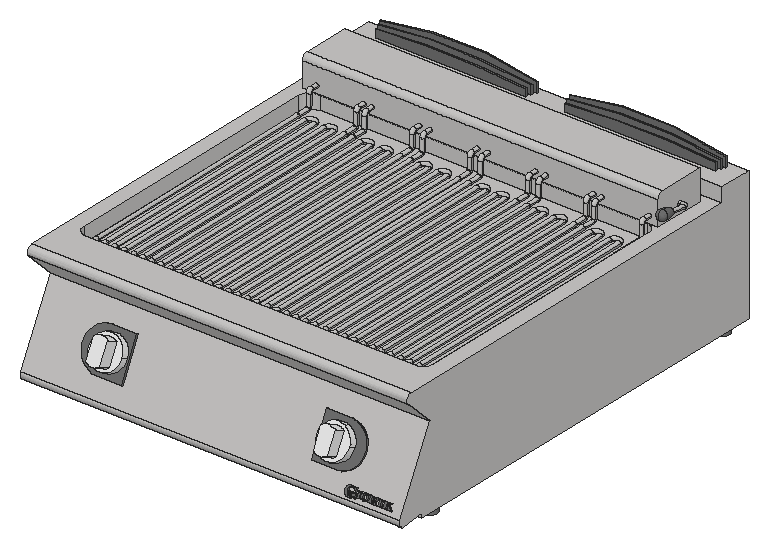
Revit family "QF_GIORIK_GL94TE", category Specialty Equipment, Revit 2014
Parameters (values of type "GL94TE")
  Weight in Pounds = 154.3234
  Watts = 8000 W
  Waste Water Discharge Temperature [instance] = 0 °C
  Volts = 400 V
  URL Cutsheet = "www.giorik.com"
  URL = "www.giorik.com"
  Status [instance] = ""
  Specification by User [instance] = ""
  Specification by Manufacturer = ""
  Show Logo [instance] = yes
  Show Clearance [instance] = yes
  Serial Number = ""
  Seismic Rating = ""
  SMACNA No = ""
  Revision Code [instance] = ""
  Plumbing Remarks [instance] = ""
  Plumbing Connection Type [instance] = ""
  Phase = 3
  Number of Poles [instance] = 3
  NAFEM Spec ID Number = ""
  Model = "GL94TE"
  Min Ckt Ampacity = 0 A
  Max Overcurrent Protection = 0 A
  Masterspec = ""
  Manufacturer = "GIORIK"
  Item Number [instance] = ""
  Installed By [instance] = ""
  Indirect Waste Size = 2 1/2"
  Indirect Waste Flow = 0.0 L/s
  Indirect Waste Connection Type [instance] = ""
  Indirect Waste Connection Height [instance] = 20 mm
  Identify Quantity as Lot [instance] = no
  HP = "10.728160000000"
  Furnished By [instance] = ""
  Foodservice Equipment Identifier [instance] = yes
  FL Amps = 0 A
  Electrical Remarks [instance] = ""
  Electric Connection Type [instance] = ""
  Elec Conn RI Height [instance] = 0 mm
  Elec Conn Connection Height [instance] = 20 mm
  Description = "ELECTRIC STEAMGRILL"
  Cycle = 50 Hz
  Conn Plug = ""
  Conn Conduit [instance] = no
  CSI MasterFormat = ""
  Assembly Code = "E1090320"
  Apparent Power = 8000 VA
Reference planes
  plane 1 "Back": y = 0
  plane 2: z = 0
  plane 3 "Left": x = 0
  plane 4 "Right": x = 800
  plane 5 "Front": y = -920
  plane 6 "Top": z = 300
Forms (mm)
  Extrusion 1, solid, visible <- "Show Logo"
    sketch origin (586.604, -936.761, 9.486) x (-1, 0, 0) y (0, 0.452718, 0.891654)
      loop
        line (-118.824, 58.358) -> (-127.804, 58.358) -> (-125.523, 56.445) -> (-125.523, 48.027) -> (-127.804, 46.113) -> (-118.824, 46.113) -> (-121.105, 48.027) -> (-121.105, 56.445) -> (-118.824, 58.358)
      loop
        line (-163.721, 58.358) -> (-172.7, 58.358) -> (-170.42, 56.445) -> (-170.42, 48.027) -> (-172.7, 46.113) -> (-163.721, 46.113) -> (-166.001, 48.027) -> (-166.001, 56.445) -> (-163.721, 58.358)
      loop
        line (-174.332, 58.358) -> (-183.312, 58.358) -> (-181.031, 56.445) -> (-181.031, 52.435) -> (-186.419, 56.955) -> (-184.416, 58.358) -> (-191.268, 58.358) -> (-188.01, 56.839) -> (-185.455, 54.283) -> (-190.846, 47.858) -> (-193.396, 46.93) -> (-193.396, 46.113) -> (-184.416, 46.113) -> (-185.437, 47.571) -> (-182.443, 51.552) -> (-181.031, 50.894) -> (-181.031, 48.027) -> (-183.312, 46.113) -> (-174.332, 46.113) -> (-176.613, 48.027) -> (-176.613, 56.445) -> (-174.332, 58.358)
      loop
        line (-115.429, 62.063) -> (-115.429, 54.198)
        arc (-115.429, 54.198) -> (-111.618, 57.803) -> (-106.847, 59.986) r 16.039
        arc (-106.847, 59.986) -> (-103.314, 59.837) -> (-100.512, 57.68) r 5.851
        arc (-100.512, 57.68) -> (-98.815, 52.267) -> (-100.512, 46.853) r 9.479
        arc (-100.512, 46.853) -> (-102.406, 44.986) -> (-104.846, 43.93) r 7.236
        arc (-104.846, 43.93) -> (-107.728, 44.111) -> (-110.052, 45.825) r 5.11
        line (-110.052, 45.825) -> (-110.052, 52.001) -> (-116.141, 52.001) -> (-116.141, 45.503) -> (-117.893, 43.751) -> (-114.094, 44.769)
        arc (-114.094, 44.769) -> (-112.56, 44.947) -> (-111.129, 44.366) r 3.115
        arc (-111.129, 44.366) -> (-104.216, 42.091) -> (-97.303, 44.366) r 11.641
        arc (-97.303, 44.366) -> (-93.396, 52.107) -> (-97.303, 59.849) r 9.622
        arc (-97.303, 59.849) -> (-104.369, 62.174) -> (-111.435, 59.849) r 11.898
        line (-111.435, 59.849) -> (-115.429, 62.063)
      loop
        arc (-129.234, 56.068) -> (-135.893, 58.628) -> (-142.552, 56.068) r 9.941
        arc (-142.552, 56.068) -> (-144.234, 52.286) -> (-142.552, 48.505) r 5.093
        arc (-142.552, 48.505) -> (-135.893, 45.945) -> (-129.234, 48.505) r 9.941
        arc (-129.234, 48.505) -> (-127.552, 52.286) -> (-129.234, 56.068) r 5.093
      loop
        arc (-132.628, 54.403) -> (-135.893, 57.668) -> (-139.158, 54.403) r 3.265
        line (-139.158, 54.403) -> (-139.158, 50.169)
        arc (-139.158, 50.169) -> (-135.893, 46.904) -> (-132.628, 50.169) r 3.265
        line (-132.628, 50.169) -> (-132.628, 54.403)
      loop
        arc (-156.363, 58.365) -> (-159.647, 55.081) -> (-156.363, 51.796) r 3.285
        line (-156.363, 51.796) -> (-159.529, 47.306) -> (-162.087, 46.113) -> (-155.847, 46.113) -> (-153.529, 51.083) -> (-150.637, 51.083) -> (-150.637, 47.784) -> (-153.022, 46.113) -> (-144.011, 46.113) -> (-146.094, 47.68) -> (-146.094, 56.493) -> (-144.229, 58.365) -> (-156.363, 58.365)
      loop
        line (-150.637, 57.512) -> (-153.637, 57.512)
        arc (-153.637, 57.512) -> (-156.237, 54.912) -> (-153.637, 52.312) r 2.6
        line (-153.637, 52.312) -> (-150.637, 52.312) -> (-150.637, 57.512)
      loop
        line (-108.924, 52.001) -> (-104.936, 49.005) -> (-100.948, 52.001) -> (-108.924, 52.001)
    from 1.5 to -0.5
  Extrusion 2, solid
    sketch origin (-4, 0, 5) x (1, 0, 0) y (0, 1, 0)
      loop
        circle (54, -385) r 12.5
    from 0 to 15
  Extrusion 3, solid
    sketch origin (0, 800, -620) x (0, 1, 0) y (0, 0, 1)
      loop
        line (-800, 919.988) -> (-870, 919.988) -> (-870, 889.988) -> (-1688.806, 889.988)
        arc (-1688.806, 889.988) -> (-1699.151, 883.075) -> (-1696.724, 870.873) r 11.197
        line (-1696.724, 870.873) -> (-1640.876, 815.025) -> (-1718.948, 661.258)
        arc (-1718.948, 661.258) -> (-1718.233, 650.105) -> (-1708.118, 645.354) r 10.981
        line (-1708.118, 645.354) -> (-1660, 649.925) -> (-1660, 640) -> (-800, 640) -> (-800, 919.988)
    from 0 to 800
  Extrusion 4, solid
    sketch origin (-263.221, -1163.956, -547.327) x (1, 0, 0) y (0, 0.452718, 0.891654)
      loop
        line (463.221, 676.25) -> (463.221, 766.25) -> (409.698, 766.25)
        arc (409.698, 766.25) -> (364.698, 721.25) -> (409.698, 676.25) r 45
        line (409.698, 676.25) -> (463.221, 676.25)
    from 48 to 50
  Extrusion 5, solid
    sketch origin (511.331, -1209.308, -524.731) x (-1, 0, 0) y (0, -0.45351, -0.891251)
      loop
        circle (351.331, -721.346) r 35
    from 0 to 15
  Extrusion 6, solid
    sketch origin (511.331, -1209.308, -524.731) x (-1, 0, 0) y (0, -0.45351, -0.891251)
      loop
        arc (336.331, -743.846) -> (351.331, -748.846) -> (366.331, -743.846) r 25
        line (366.331, -743.846) -> (366.331, -698.846)
        arc (366.331, -698.846) -> (351.331, -693.846) -> (336.331, -698.846) r 25
        line (336.331, -698.846) -> (336.331, -743.846)
    from 15 to 40
  Extrusion 7, solid
    sketch origin (-94, 0, -610.001) x (1, 0, 0) y (0, 0, 1)
      loop
        line (135, 909.989) -> (453, 909.989) -> (453, 925.527) -> (347.056, 931.749) -> (240.944, 931.749) -> (135, 925.527) -> (135, 909.989)
    from 32 to 35
  Extrusion 8, solid
    sketch origin (-92, 10, -610.001) x (1, 0, 0) y (0, 0, 1)
      loop
        line (454, 909.989) -> (454, 928.527) -> (346.162, 939.193) -> (237.838, 939.193) -> (130, 928.527) -> (130, 909.989) -> (454, 909.989)
    from 32 to 35
  Extrusion 9, solid
    sketch origin (-90, 20, -610.001) x (1, 0, 0) y (0, 0, 1)
      loop
        line (455, 909.989) -> (455, 930.527) -> (345.396, 947.413) -> (234.604, 947.413) -> (125, 930.527) -> (125, 909.989) -> (455, 909.989)
    from 32 to 35
  Extrusion 10, void
    sketch origin (0, -200, 219.988) x (0, 1, 0) y (-1, 0, 0)
      loop
        arc (0, -55) -> (-7.322, -37.322) -> (-25, -30) r 25
        line (-25, -30) -> (-589.698, -30)
        arc (-589.698, -30) -> (-607.375, -37.322) -> (-614.698, -55) r 25
        line (-614.698, -55) -> (-614.698, -745)
        arc (-614.698, -745) -> (-607.375, -762.678) -> (-589.698, -770) r 25
        line (-589.698, -770) -> (-25, -770)
        arc (-25, -770) -> (-7.322, -762.678) -> (0, -745) r 25
        line (0, -745) -> (0, -55)
    from 20 to 50
  Extrusion 11, solid
    sketch origin (464.5, -383, 1248.988) x (0, -1, 0) y (0, 0, 1)
      loop
        line (-293, -915.5) -> (-293, -979) -> (-183, -979) -> (-183, -927.5)
        arc (-183, -927.5) -> (-186.515, -919.015) -> (-195, -915.5) r 12
        line (-195, -915.5) -> (-293, -915.5)
    from -305.5 to 444.5
  Sweep 12, solid
    path origin (-40.5, 1386.369, 50.284) x (0, 0.987688, -0.156434) y (-1, 0, 0)
      loop
        line (-1551.47, -757) -> (-1551.47, -818)
        arc (-1551.47, -818) -> (-1554.162, -824.308) -> (-1560.47, -827) r 9.2
        line (-1560.47, -827) -> (-1595.47, -827)
    profile origin (747, -146, 292.988) x (0, 0.987688, -0.156434) y (0, 0.156434, 0.987688)
      loop
        circle (0, 0) r 4
  Revolve 13, solid
    sketch origin (786.5, 1381.82, -876.578) x (0, 0.987688, -0.156434) y (0, 0.156434, 0.987688)
      loop
        line (-1735.97, 916.293) -> (-1735.97, 923.293)
        arc (-1735.97, 923.293) -> (-1746.353, 925.612) -> (-1756.97, 926.293) r 68.381
        arc (-1756.97, 926.293) -> (-1764.041, 923.364) -> (-1766.97, 916.293) r 10
        line (-1766.97, 916.293) -> (-1735.97, 916.293)
      axis (-1735.97, 916.293) -> (-1766.97, 916.293)
    angle from 0 to 360
  Sweep 14, solid
    path origin (48.844, 1052.908, -530.209) x (0, 1, 0) y (0, 0, 1)
      loop
        line (-1252.907, 815) -> (-1267.907, 815)
        arc (-1267.907, 815) -> (-1271.443, 813.536) -> (-1272.907, 810) r 5
        line (-1272.907, 810) -> (-1272.907, 785)
        arc (-1272.907, 785) -> (-1274.372, 781.464) -> (-1277.907, 780) r 5
        line (-1277.907, 780) -> (-1302.907, 780)
    profile origin (48.844, -207.5, 284.791) x (0, 0, -1) y (1, 0, 0)
      loop
        circle (0, 0) r 4
  Sweep 15, solid
    path origin (-1280.633, 946.628, 249.791) x (0, 1, 0) y (-1, 0, 0)
      loop
        line (-1196.628, -1329.478) -> (-1726.628, -1329.478)
        arc (-1726.628, -1329.478) -> (-1736.628, -1339.478) -> (-1726.628, -1349.478) r 10
        line (-1726.628, -1349.478) -> (-1201.628, -1349.478)
        arc (-1201.628, -1349.478) -> (-1191.628, -1359.478) -> (-1201.628, -1369.478) r 10
        line (-1201.628, -1369.478) -> (-1726.628, -1369.478)
        arc (-1726.628, -1369.478) -> (-1736.628, -1379.478) -> (-1726.628, -1389.478) r 10
        line (-1726.628, -1389.478) -> (-1201.628, -1389.478)
        arc (-1201.628, -1389.478) -> (-1191.628, -1399.478) -> (-1201.628, -1409.478) r 10
        line (-1201.628, -1409.478) -> (-1726.628, -1409.478)
        arc (-1726.628, -1409.478) -> (-1736.628, -1419.478) -> (-1726.628, -1429.478) r 10
        line (-1726.628, -1429.478) -> (-1196.628, -1429.478)
    profile origin (48.844, -515, 249.791) x (1, 0, 0) y (0, 0, 1)
      loop
        circle (0, 0) r 4
  Sweep 16, solid
    path origin (148.844, 1052.908, -530.209) x (0, 1, 0) y (0, 0, 1)
      loop
        line (-1252.907, 815) -> (-1267.907, 815)
        arc (-1267.907, 815) -> (-1271.443, 813.536) -> (-1272.907, 810) r 5
        line (-1272.907, 810) -> (-1272.907, 785)
        arc (-1272.907, 785) -> (-1274.372, 781.464) -> (-1277.907, 780) r 5
        line (-1277.907, 780) -> (-1302.907, 780)
    profile origin (148.844, -207.5, 284.791) x (0, 0, -1) y (1, 0, 0)
      loop
        circle (0, 0) r 4
  Extrusion 17, solid
    sketch origin (1063.221, -1163.956, -547.327) x (-1, 0, 0) y (0, -0.452718, -0.891654)
      loop
        line (463.221, -676.25) -> (409.698, -676.25)
        arc (409.698, -676.25) -> (364.698, -721.25) -> (409.698, -766.25) r 45
        line (409.698, -766.25) -> (463.221, -766.25) -> (463.221, -676.25)
    from 48 to 50
  Extrusion 18, solid
    sketch origin (288.669, -1209.308, -524.731) x (1, 0, 0) y (0, 0.45351, 0.891251)
      loop
        circle (351.331, 721.346) r 35
    from 0 to 15
  Extrusion 19, solid
    sketch origin (288.669, -1209.308, -524.731) x (1, 0, 0) y (0, 0.45351, 0.891251)
      loop
        line (336.331, 743.846) -> (336.331, 698.846)
        arc (336.331, 698.846) -> (351.331, 693.846) -> (366.331, 698.846) r 25
        line (366.331, 698.846) -> (366.331, 743.846)
        arc (366.331, 743.846) -> (351.331, 748.846) -> (336.331, 743.846) r 25
    from 15 to 40
  Extrusion 20, solid
    sketch origin (400, 0, -25) x (0, 1, 0) y (-1, 0, 0)
      loop
        circle (-195, -350) r 12.7
    from 30 to 45
  Sweep 21, solid
    path origin (166.389, 1052.908, -530.209) x (0, 1, 0) y (0, 0, 1)
      loop
        line (-1252.907, 815) -> (-1267.907, 815)
        arc (-1267.907, 815) -> (-1271.443, 813.536) -> (-1272.907, 810) r 5
        line (-1272.907, 810) -> (-1272.907, 785)
        arc (-1272.907, 785) -> (-1274.372, 781.464) -> (-1277.907, 780) r 5
        line (-1277.907, 780) -> (-1302.907, 780)
    profile origin (166.389, -207.5, 284.791) x (0, 0, -1) y (1, 0, 0)
      loop
        circle (0, 0) r 4
  Sweep 22, solid
    path origin (-1163.089, 946.628, 249.791) x (0, 1, 0) y (-1, 0, 0)
      loop
        line (-1196.628, -1329.478) -> (-1726.628, -1329.478)
        arc (-1726.628, -1329.478) -> (-1736.628, -1339.478) -> (-1726.628, -1349.478) r 10
        line (-1726.628, -1349.478) -> (-1201.628, -1349.478)
        arc (-1201.628, -1349.478) -> (-1191.628, -1359.478) -> (-1201.628, -1369.478) r 10
        line (-1201.628, -1369.478) -> (-1726.628, -1369.478)
        arc (-1726.628, -1369.478) -> (-1736.628, -1379.478) -> (-1726.628, -1389.478) r 10
        line (-1726.628, -1389.478) -> (-1201.628, -1389.478)
        arc (-1201.628, -1389.478) -> (-1191.628, -1399.478) -> (-1201.628, -1409.478) r 10
        line (-1201.628, -1409.478) -> (-1726.628, -1409.478)
        arc (-1726.628, -1409.478) -> (-1736.628, -1419.478) -> (-1726.628, -1429.478) r 10
        line (-1726.628, -1429.478) -> (-1196.628, -1429.478)
    profile origin (166.389, -515, 249.791) x (1, 0, 0) y (0, 0, 1)
      loop
        circle (0, 0) r 4
  Sweep 23, solid
    path origin (266.389, 1052.908, -530.209) x (0, 1, 0) y (0, 0, 1)
      loop
        line (-1252.907, 815) -> (-1267.907, 815)
        arc (-1267.907, 815) -> (-1271.443, 813.536) -> (-1272.907, 810) r 5
        line (-1272.907, 810) -> (-1272.907, 785)
        arc (-1272.907, 785) -> (-1274.372, 781.464) -> (-1277.907, 780) r 5
        line (-1277.907, 780) -> (-1302.907, 780)
    profile origin (266.389, -207.5, 284.791) x (0, 0, -1) y (1, 0, 0)
      loop
        circle (0, 0) r 4
  Sweep 24, solid
    path origin (288.822, 1052.908, -530.209) x (0, 1, 0) y (0, 0, 1)
      loop
        line (-1252.907, 815) -> (-1267.907, 815)
        arc (-1267.907, 815) -> (-1271.443, 813.536) -> (-1272.907, 810) r 5
        line (-1272.907, 810) -> (-1272.907, 785)
        arc (-1272.907, 785) -> (-1274.372, 781.464) -> (-1277.907, 780) r 5
        line (-1277.907, 780) -> (-1302.907, 780)
    profile origin (288.822, -207.5, 284.791) x (0, 0, -1) y (1, 0, 0)
      loop
        circle (0, 0) r 4
  Sweep 25, solid
    path origin (-1040.656, 946.628, 249.791) x (0, 1, 0) y (-1, 0, 0)
      loop
        line (-1196.628, -1329.478) -> (-1726.628, -1329.478)
        arc (-1726.628, -1329.478) -> (-1736.628, -1339.478) -> (-1726.628, -1349.478) r 10
        line (-1726.628, -1349.478) -> (-1201.628, -1349.478)
        arc (-1201.628, -1349.478) -> (-1191.628, -1359.478) -> (-1201.628, -1369.478) r 10
        line (-1201.628, -1369.478) -> (-1726.628, -1369.478)
        arc (-1726.628, -1369.478) -> (-1736.628, -1379.478) -> (-1726.628, -1389.478) r 10
        line (-1726.628, -1389.478) -> (-1201.628, -1389.478)
        arc (-1201.628, -1389.478) -> (-1191.628, -1399.478) -> (-1201.628, -1409.478) r 10
        line (-1201.628, -1409.478) -> (-1726.628, -1409.478)
        arc (-1726.628, -1409.478) -> (-1736.628, -1419.478) -> (-1726.628, -1429.478) r 10
        line (-1726.628, -1429.478) -> (-1196.628, -1429.478)
    profile origin (288.822, -515, 249.791) x (1, 0, 0) y (0, 0, 1)
      loop
        circle (0, 0) r 4
  Sweep 26, solid
    path origin (388.822, 1052.908, -530.209) x (0, 1, 0) y (0, 0, 1)
      loop
        line (-1252.907, 815) -> (-1267.907, 815)
        arc (-1267.907, 815) -> (-1271.443, 813.536) -> (-1272.907, 810) r 5
        line (-1272.907, 810) -> (-1272.907, 785)
        arc (-1272.907, 785) -> (-1274.372, 781.464) -> (-1277.907, 780) r 5
        line (-1277.907, 780) -> (-1302.907, 780)
    profile origin (388.822, -207.5, 284.791) x (0, 0, -1) y (1, 0, 0)
      loop
        circle (0, 0) r 4
  Sweep 27, solid
    path origin (751.2, 1052.908, -530.209) x (0, 1, 0) y (0, 0, -1)
      loop
        line (-1252.907, -815) -> (-1267.907, -815)
        arc (-1267.907, -815) -> (-1271.443, -813.536) -> (-1272.907, -810) r 5
        line (-1272.907, -810) -> (-1272.907, -785)
        arc (-1272.907, -785) -> (-1274.372, -781.464) -> (-1277.907, -780) r 5
        line (-1277.907, -780) -> (-1302.907, -780)
    profile origin (751.2, -207.5, 284.791) x (0, 0, 1) y (-1, 0, 0)
      loop
        circle (0, 0) r 4
  Sweep 28, solid
    path origin (2080.678, 946.628, 249.791) x (0, 1, 0) y (-1, 0, 0)
      loop
        line (-1196.628, 1329.478) -> (-1726.628, 1329.478)
        arc (-1726.628, 1329.478) -> (-1736.628, 1339.478) -> (-1726.628, 1349.478) r 10
        line (-1726.628, 1349.478) -> (-1201.628, 1349.478)
        arc (-1201.628, 1349.478) -> (-1191.628, 1359.478) -> (-1201.628, 1369.478) r 10
        line (-1201.628, 1369.478) -> (-1726.628, 1369.478)
        arc (-1726.628, 1369.478) -> (-1736.628, 1379.478) -> (-1726.628, 1389.478) r 10
        line (-1726.628, 1389.478) -> (-1201.628, 1389.478)
        arc (-1201.628, 1389.478) -> (-1191.628, 1399.478) -> (-1201.628, 1409.478) r 10
        line (-1201.628, 1409.478) -> (-1726.628, 1409.478)
        arc (-1726.628, 1409.478) -> (-1736.628, 1419.478) -> (-1726.628, 1429.478) r 10
        line (-1726.628, 1429.478) -> (-1196.628, 1429.478)
    profile origin (751.2, -515, 249.791) x (1, 0, 0) y (0, 0, 1)
      loop
        circle (0, 0) r 4
  Sweep 29, solid
    path origin (651.2, 1252.908, -530.209) x (0, 1, 0) y (0, 0, -1)
      loop
        line (-1452.907, -815) -> (-1467.907, -815)
        arc (-1467.907, -815) -> (-1471.443, -813.536) -> (-1472.907, -810) r 5
        line (-1472.907, -810) -> (-1472.907, -785)
        arc (-1472.907, -785) -> (-1474.372, -781.464) -> (-1477.907, -780) r 5
        line (-1477.907, -780) -> (-1502.907, -780)
    profile origin (651.2, -207.5, 284.791) x (0, 0, 1) y (-1, 0, 0)
      loop
        circle (0, 0) r 4
  Sweep 30, solid
    path origin (633.655, 1052.908, -530.209) x (0, 1, 0) y (0, 0, -1)
      loop
        line (-1252.907, -815) -> (-1267.907, -815)
        arc (-1267.907, -815) -> (-1271.443, -813.536) -> (-1272.907, -810) r 5
        line (-1272.907, -810) -> (-1272.907, -785)
        arc (-1272.907, -785) -> (-1274.372, -781.464) -> (-1277.907, -780) r 5
        line (-1277.907, -780) -> (-1302.907, -780)
    profile origin (633.655, -207.5, 284.791) x (0, 0, 1) y (-1, 0, 0)
      loop
        circle (0, 0) r 4
  Sweep 31, solid
    path origin (1963.133, 946.628, 249.791) x (0, 1, 0) y (-1, 0, 0)
      loop
        line (-1196.628, 1329.478) -> (-1726.628, 1329.478)
        arc (-1726.628, 1329.478) -> (-1736.628, 1339.478) -> (-1726.628, 1349.478) r 10
        line (-1726.628, 1349.478) -> (-1201.628, 1349.478)
        arc (-1201.628, 1349.478) -> (-1191.628, 1359.478) -> (-1201.628, 1369.478) r 10
        line (-1201.628, 1369.478) -> (-1726.628, 1369.478)
        arc (-1726.628, 1369.478) -> (-1736.628, 1379.478) -> (-1726.628, 1389.478) r 10
        line (-1726.628, 1389.478) -> (-1201.628, 1389.478)
        arc (-1201.628, 1389.478) -> (-1191.628, 1399.478) -> (-1201.628, 1409.478) r 10
        line (-1201.628, 1409.478) -> (-1726.628, 1409.478)
        arc (-1726.628, 1409.478) -> (-1736.628, 1419.478) -> (-1726.628, 1429.478) r 10
        line (-1726.628, 1429.478) -> (-1196.628, 1429.478)
    profile origin (633.655, -515, 249.791) x (1, 0, 0) y (0, 0, 1)
      loop
        circle (0, 0) r 4
  Sweep 32, solid
    path origin (533.655, 1252.908, -530.209) x (0, 1, 0) y (0, 0, -1)
      loop
        line (-1452.907, -815) -> (-1467.907, -815)
        arc (-1467.907, -815) -> (-1471.443, -813.536) -> (-1472.907, -810) r 5
        line (-1472.907, -810) -> (-1472.907, -785)
        arc (-1472.907, -785) -> (-1474.372, -781.464) -> (-1477.907, -780) r 5
        line (-1477.907, -780) -> (-1502.907, -780)
    profile origin (533.655, -207.5, 284.791) x (0, 0, 1) y (-1, 0, 0)
      loop
        circle (0, 0) r 4
  Sweep 33, solid
    path origin (511.222, 1052.908, -530.209) x (0, 1, 0) y (0, 0, -1)
      loop
        line (-1252.907, -815) -> (-1267.907, -815)
        arc (-1267.907, -815) -> (-1271.443, -813.536) -> (-1272.907, -810) r 5
        line (-1272.907, -810) -> (-1272.907, -785)
        arc (-1272.907, -785) -> (-1274.372, -781.464) -> (-1277.907, -780) r 5
        line (-1277.907, -780) -> (-1302.907, -780)
    profile origin (511.222, -207.5, 284.791) x (0, 0, 1) y (-1, 0, 0)
      loop
        circle (0, 0) r 4
  Sweep 34, solid
    path origin (1840.7, 946.628, 249.791) x (0, 1, 0) y (-1, 0, 0)
      loop
        line (-1196.628, 1329.478) -> (-1726.628, 1329.478)
        arc (-1726.628, 1329.478) -> (-1736.628, 1339.478) -> (-1726.628, 1349.478) r 10
        line (-1726.628, 1349.478) -> (-1201.628, 1349.478)
        arc (-1201.628, 1349.478) -> (-1191.628, 1359.478) -> (-1201.628, 1369.478) r 10
        line (-1201.628, 1369.478) -> (-1726.628, 1369.478)
        arc (-1726.628, 1369.478) -> (-1736.628, 1379.478) -> (-1726.628, 1389.478) r 10
        line (-1726.628, 1389.478) -> (-1201.628, 1389.478)
        arc (-1201.628, 1389.478) -> (-1191.628, 1399.478) -> (-1201.628, 1409.478) r 10
        line (-1201.628, 1409.478) -> (-1726.628, 1409.478)
        arc (-1726.628, 1409.478) -> (-1736.628, 1419.478) -> (-1726.628, 1429.478) r 10
        line (-1726.628, 1429.478) -> (-1196.628, 1429.478)
    profile origin (511.222, -515, 249.791) x (1, 0, 0) y (0, 0, 1)
      loop
        circle (0, 0) r 4
  Sweep 35, solid
    path origin (411.222, 1052.908, -530.209) x (0, 1, 0) y (0, 0, -1)
      loop
        line (-1252.907, -815) -> (-1267.907, -815)
        arc (-1267.907, -815) -> (-1271.443, -813.536) -> (-1272.907, -810) r 5
        line (-1272.907, -810) -> (-1272.907, -785)
        arc (-1272.907, -785) -> (-1274.372, -781.464) -> (-1277.907, -780) r 5
        line (-1277.907, -780) -> (-1302.907, -780)
    profile origin (411.222, -207.5, 284.791) x (0, 0, 1) y (-1, 0, 0)
      loop
        circle (0, 0) r 4
  Extrusion 36, solid
    sketch origin (894, 0, -610.001) x (-1, 0, 0) y (0, 0, -1)
      loop
        line (135, -909.989) -> (135, -925.527) -> (240.944, -931.749) -> (347.056, -931.749) -> (453, -925.527) -> (453, -909.989) -> (135, -909.989)
    from 32 to 35
  Extrusion 37, solid
    sketch origin (892, 10, -610.001) x (-1, 0, 0) y (0, 0, -1)
      loop
        line (454, -909.989) -> (130, -909.989) -> (130, -928.527) -> (237.838, -939.193) -> (346.162, -939.193) -> (454, -928.527) -> (454, -909.989)
    from 32 to 35
  Extrusion 38, solid
    sketch origin (890, 20, -610.001) x (-1, 0, 0) y (0, 0, -1)
      loop
        line (455, -909.989) -> (125, -909.989) -> (125, -930.527) -> (234.604, -947.413) -> (345.396, -947.413) -> (455, -930.527) -> (455, -909.989)
    from 32 to 35
  Extrusion 39, solid
    sketch origin (543.603, 45.293, -30) x (0, 1, 0) y (-1, 0, 0)
      loop
        circle (-79.293, 516.603) r 5
    from 41.965 to 50
  Revolve 40, solid
    sketch origin (27, 49.943, -600) x (0, 1, 0) y (0, 0, 1)
      loop
        line (-83.943, 611.965) -> (-94.752, 611.965) -> (-97.943, 600) -> (-83.943, 600) -> (-83.943, 611.965)
      axis (-83.943, 611.965) -> (-83.943, 600)
    angle from 0 to 360
  Extrusion 41, solid
    sketch origin (256.397, 45.293, -30) x (0, 1, 0) y (-1, 0, 0)
      loop
        circle (-79.293, -516.603) r 5
    from 41.965 to 50
  Revolve 42, solid
    sketch origin (773, 49.943, -600) x (0, 1, 0) y (0, 0, -1)
      loop
        line (-83.943, -611.965) -> (-83.943, -600) -> (-97.943, -600) -> (-94.752, -611.965) -> (-83.943, -611.965)
      axis (-83.943, -611.965) -> (-83.943, -600)
    angle from 0 to 360
  Extrusion 43, solid
    sketch origin (543.603, -724.474, -30) x (0, 1, 0) y (-1, 0, 0)
      loop
        circle (-79.293, 516.603) r 5
    from 41.965 to 50
  Revolve 44, solid
    sketch origin (27, -719.825, -600) x (0, 1, 0) y (0, 0, 1)
      loop
        line (-83.943, 611.965) -> (-94.752, 611.965) -> (-97.943, 600) -> (-83.943, 600) -> (-83.943, 611.965)
      axis (-83.943, 611.965) -> (-83.943, 600)
    angle from 0 to 360
  Extrusion 45, solid
    sketch origin (256.397, -724.474, -30) x (0, 1, 0) y (-1, 0, 0)
      loop
        circle (-79.293, -516.603) r 5
    from 41.965 to 50
  Revolve 46, solid
    sketch origin (773, -719.825, -600) x (0, 1, 0) y (0, 0, -1)
      loop
        line (-83.943, -611.965) -> (-83.943, -600) -> (-97.943, -600) -> (-94.752, -611.965) -> (-83.943, -611.965)
      axis (-83.943, -611.965) -> (-83.943, -600)
    angle from 0 to 360
Cuts and joins
  Extrusion 10 cuts Extrusion 3
Lines and regions (mm)
  symbolic lines, style "200-EquipBorder-2D"
    curve 1: line (0, -920, 0) -> (800, -920, 0)
    curve 2: line (800, -920, 0) -> (800, 0, 0)
    curve 3: line (800, 0, 0) -> (0, 0, 0)
    curve 4: line (0, 0, 0) -> (0, -920, 0)
  symbolic lines, style "200-EquipInternal-2D"
    curve 5: line (0, -70, 300) -> (800, -70, 300)
    curve 6: line (35, -12, 900) -> (365, -12, 900)
    curve 7: line (365, -12, 900) -> (365, -15, 900)
    curve 8: line (365, -15, 900) -> (35, -15, 900)
    curve 9: line (35, -15, 900) -> (35, -12, 900)
    curve 10: line (38, -22, 900) -> (362, -22, 900)
    curve 11: line (362, -22, 900) -> (362, -25, 900)
    curve 12: line (362, -25, 900) -> (38, -25, 900)
    curve 13: line (38, -25, 900) -> (38, -22, 900)
    curve 14: line (41, -32, 900) -> (359, -32, 900)
    curve 15: line (359, -32, 900) -> (359, -35, 900)
    curve 16: line (359, -35, 900) -> (41, -35, 900)
    curve 17: line (41, -35, 900) -> (41, -32, 900)
    curve 18: line (20, -200, 300) -> (20, -90, 300)
    curve 19: line (20, -90, 300) -> (770, -90, 300)
    curve 20: line (770, -200, 300) -> (20, -200, 300)
    curve 21: line (782.501, -155.079, 300) -> (782.501, -188.518, 300)
    curve 22: line (790.499, -154.963, 300) -> (790.499, -188.518, 300)
    curve 23: arc (777.404, -149.982, 300) -> (781.008, -151.475, 300) -> (782.501, -155.079, 300) r 5.097
    curve 24: arc (777.536, -142, 300) -> (786.702, -145.797, 300) -> (790.499, -154.963, 300) r 12.963
    curve 25: arc (776.533, -210.204, 300) -> (786.533, -220.204, 300) -> (796.533, -210.204, 300) r 10
    curve 26: arc (796.533, -210.204, 300) -> (795.804, -199.779, 300) -> (793.631, -189.557, 300) r 74.904
    curve 27: arc (779.461, -189.443, 300) -> (777.269, -199.721, 300) -> (776.533, -210.204, 300) r 75.072
    curve 28: arc (790.499, -188.518, 300) -> (792.163, -188.743, 300) -> (793.631, -189.557, 300) r 4.546
    curve 29: arc (782.501, -188.518, 300) -> (780.891, -188.685, 300) -> (779.461, -189.443, 300) r 4.244
    curve 30: line (777.404, -149.982, 300) -> (770, -149.982, 300)
    curve 31: line (777.536, -142, 300) -> (770, -142, 300)
    curve 32: line (647.2, -200, 300) -> (647.2, -780, 300)
    curve 33: arc (647.2, -780, 300) -> (661.223, -794.023, 300) -> (675.246, -780, 300) r 14.023
    curve 34: line (675.246, -780, 300) -> (675.246, -255, 300)
    curve 35: arc (675.246, -255, 300) -> (681.201, -249.046, 300) -> (687.155, -255, 300) r 5.954
    curve 36: line (687.155, -255, 300) -> (687.155, -780, 300)
    curve 37: arc (687.155, -780, 300) -> (701.176, -794.021, 300) -> (715.197, -780, 300) r 14.021
    curve 38: line (715.197, -780, 300) -> (715.197, -255, 300)
    curve 39: arc (715.197, -255, 300) -> (721.211, -248.986, 300) -> (727.224, -255, 300) r 6.013
    curve 40: line (727.224, -255, 300) -> (727.224, -780, 300)
    curve 41: arc (727.224, -780, 300) -> (741.238, -794.014, 300) -> (755.252, -780, 300) r 14.014
    curve 42: line (755.252, -780, 300) -> (755.252, -200, 300)
    curve 43: line (747.257, -200, 300) -> (747.257, -780, 300)
    curve 44: line (735.198, -780, 300) -> (735.198, -255, 300)
    curve 45: arc (735.198, -255, 300) -> (721.215, -241.017, 300) -> (707.231, -255, 300) r 13.983
    curve 46: line (707.231, -255, 300) -> (707.231, -780, 300)
    curve 47: arc (707.231, -780, 300) -> (701.21, -786.021, 300) -> (695.189, -780, 300) r 6.021
    curve 48: line (695.189, -780, 300) -> (695.189, -253.899, 300)
    curve 49: line (667.266, -255, 300) -> (667.266, -780, 300)
    curve 50: arc (667.266, -780, 300) -> (661.249, -786.017, 300) -> (655.232, -780, 300) r 6.017
    curve 51: line (655.232, -780, 300) -> (655.232, -200, 300)
    curve 52: arc (735.198, -780, 300) -> (741.227, -786.03, 300) -> (747.257, -780, 300) r 6.03
    curve 53: line (529.655, -200, 300) -> (529.655, -780, 300)
    curve 54: arc (529.655, -780, 300) -> (543.678, -794.023, 300) -> (557.702, -780, 300) r 14.023
    curve 55: line (557.702, -780, 300) -> (557.702, -255, 300)
    curve 56: arc (557.702, -255, 300) -> (563.656, -249.046, 300) -> (569.61, -255, 300) r 5.954
    curve 57: line (569.61, -255, 300) -> (569.61, -780, 300)
    curve 58: arc (569.61, -780, 300) -> (583.631, -794.021, 300) -> (597.653, -780, 300) r 14.021
    curve 59: line (597.653, -780, 300) -> (597.653, -255, 300)
    curve 60: arc (597.653, -255, 300) -> (603.666, -248.986, 300) -> (609.68, -255, 300) r 6.013
    curve 61: line (609.68, -255, 300) -> (609.68, -780, 300)
    curve 62: arc (609.68, -780, 300) -> (623.693, -794.014, 300) -> (637.707, -780, 300) r 14.014
    curve 63: line (637.707, -780, 300) -> (637.707, -200, 300)
    curve 64: line (629.713, -200, 300) -> (629.713, -780, 300)
    curve 65: line (617.653, -780, 300) -> (617.653, -255, 300)
    curve 66: arc (617.653, -255, 300) -> (603.67, -241.017, 300) -> (589.687, -255, 300) r 13.983
    curve 67: line (589.687, -255, 300) -> (589.687, -780, 300)
    curve 68: arc (589.687, -780, 300) -> (583.665, -786.021, 300) -> (577.644, -780, 300) r 6.021
    curve 69: line (577.644, -780, 300) -> (577.644, -253.899, 300)
    curve 70: line (549.721, -255, 300) -> (549.721, -780, 300)
    curve 71: arc (549.721, -780, 300) -> (543.704, -786.017, 300) -> (537.687, -780, 300) r 6.017
    curve 72: line (537.687, -780, 300) -> (537.687, -200, 300)
    curve 73: arc (617.653, -780, 300) -> (623.683, -786.03, 300) -> (629.713, -780, 300) r 6.03
    curve 74: line (407.222, -200, 300) -> (407.222, -780, 300)
    curve 75: arc (407.222, -780, 300) -> (421.245, -794.023, 300) -> (435.269, -780, 300) r 14.023
    curve 76: line (435.269, -780, 300) -> (435.269, -255, 300)
    curve 77: arc (435.269, -255, 300) -> (441.223, -249.046, 300) -> (447.177, -255, 300) r 5.954
    curve 78: line (447.177, -255, 300) -> (447.177, -780, 300)
    curve 79: arc (447.177, -780, 300) -> (461.198, -794.021, 300) -> (475.219, -780, 300) r 14.021
    curve 80: line (475.219, -780, 300) -> (475.219, -255, 300)
    curve 81: arc (475.219, -255, 300) -> (481.233, -248.986, 300) -> (487.246, -255, 300) r 6.013
    curve 82: line (487.246, -255, 300) -> (487.246, -780, 300)
    curve 83: arc (487.246, -780, 300) -> (501.26, -794.014, 300) -> (515.274, -780, 300) r 14.014
    curve 84: line (515.274, -780, 300) -> (515.274, -200, 300)
    curve 85: line (507.279, -200, 300) -> (507.279, -780, 300)
    curve 86: line (495.22, -780, 300) -> (495.22, -255, 300)
    curve 87: arc (495.22, -255, 300) -> (481.237, -241.017, 300) -> (467.254, -255, 300) r 13.983
    curve 88: line (467.254, -255, 300) -> (467.254, -780, 300)
    curve 89: arc (467.254, -780, 300) -> (461.232, -786.021, 300) -> (455.211, -780, 300) r 6.021
    curve 90: line (455.211, -780, 300) -> (455.211, -253.899, 300)
    curve 91: line (427.288, -255, 300) -> (427.288, -780, 300)
    curve 92: arc (427.288, -780, 300) -> (421.271, -786.017, 300) -> (415.254, -780, 300) r 6.017
    curve 93: line (415.254, -780, 300) -> (415.254, -200, 300)
    curve 94: arc (495.22, -780, 300) -> (501.25, -786.03, 300) -> (507.279, -780, 300) r 6.03
    curve 95: line (284.822, -200, 300) -> (284.822, -780, 300)
    curve 96: arc (284.822, -780, 300) -> (298.845, -794.023, 300) -> (312.869, -780, 300) r 14.023
    curve 97: line (312.869, -780, 300) -> (312.869, -255, 300)
    curve 98: arc (312.869, -255, 300) -> (318.823, -249.046, 300) -> (324.777, -255, 300) r 5.954
    curve 99: line (324.777, -255, 300) -> (324.777, -780, 300)
    curve 100: arc (324.777, -780, 300) -> (338.798, -794.021, 300) -> (352.819, -780, 300) r 14.021
    curve 101: line (352.819, -780, 300) -> (352.819, -255, 300)
    curve 102: arc (352.819, -255, 300) -> (358.833, -248.986, 300) -> (364.846, -255, 300) r 6.013
    curve 103: line (364.846, -255, 300) -> (364.846, -780, 300)
    curve 104: arc (364.846, -780, 300) -> (378.86, -794.014, 300) -> (392.874, -780, 300) r 14.014
    curve 105: line (392.874, -780, 300) -> (392.874, -200, 300)
    curve 106: line (384.879, -200, 300) -> (384.879, -780, 300)
    curve 107: line (372.82, -780, 300) -> (372.82, -255, 300)
    curve 108: arc (372.82, -255, 300) -> (358.837, -241.017, 300) -> (344.854, -255, 300) r 13.983
    curve 109: line (344.854, -255, 300) -> (344.854, -780, 300)
    curve 110: arc (344.854, -780, 300) -> (338.832, -786.021, 300) -> (332.811, -780, 300) r 6.021
    curve 111: line (332.811, -780, 300) -> (332.811, -253.899, 300)
    curve 112: line (304.888, -255, 300) -> (304.888, -780, 300)
    curve 113: arc (304.888, -780, 300) -> (298.871, -786.017, 300) -> (292.854, -780, 300) r 6.017
    curve 114: line (292.854, -780, 300) -> (292.854, -200, 300)
    curve 115: arc (372.82, -780, 300) -> (378.85, -786.03, 300) -> (384.879, -780, 300) r 6.03
    curve 116: line (162.389, -200, 300) -> (162.389, -780, 300)
    curve 117: arc (162.389, -780, 300) -> (176.412, -794.023, 300) -> (190.435, -780, 300) r 14.023
    curve 118: line (190.435, -780, 300) -> (190.435, -255, 300)
    curve 119: arc (190.435, -255, 300) -> (196.39, -249.046, 300) -> (202.344, -255, 300) r 5.954
    curve 120: line (202.344, -255, 300) -> (202.344, -780, 300)
    curve 121: arc (202.344, -780, 300) -> (216.365, -794.021, 300) -> (230.386, -780, 300) r 14.021
    curve 122: line (230.386, -780, 300) -> (230.386, -255, 300)
    curve 123: arc (230.386, -255, 300) -> (236.4, -248.986, 300) -> (242.413, -255, 300) r 6.013
    curve 124: line (242.413, -255, 300) -> (242.413, -780, 300)
    curve 125: arc (242.413, -780, 300) -> (256.427, -794.014, 300) -> (270.441, -780, 300) r 14.014
    curve 126: line (270.441, -780, 300) -> (270.441, -200, 300)
    curve 127: line (262.446, -200, 300) -> (262.446, -780, 300)
    curve 128: line (250.387, -780, 300) -> (250.387, -255, 300)
    curve 129: arc (250.387, -255, 300) -> (236.404, -241.017, 300) -> (222.42, -255, 300) r 13.983
    curve 130: line (222.42, -255, 300) -> (222.42, -780, 300)
    curve 131: arc (222.42, -780, 300) -> (216.399, -786.021, 300) -> (210.378, -780, 300) r 6.021
    curve 132: line (210.378, -780, 300) -> (210.378, -253.899, 300)
    curve 133: line (182.455, -255, 300) -> (182.455, -780, 300)
    curve 134: arc (182.455, -780, 300) -> (176.438, -786.017, 300) -> (170.42, -780, 300) r 6.017
    curve 135: line (170.42, -780, 300) -> (170.42, -200, 300)
    curve 136: arc (250.387, -780, 300) -> (256.416, -786.03, 300) -> (262.446, -780, 300) r 6.03
    curve 137: line (44.844, -200, 300) -> (44.844, -780, 300)
    curve 138: arc (44.844, -780, 300) -> (58.867, -794.023, 300) -> (72.891, -780, 300) r 14.023
    curve 139: line (72.891, -780, 300) -> (72.891, -255, 300)
    curve 140: arc (72.891, -255, 300) -> (78.845, -249.046, 300) -> (84.799, -255, 300) r 5.954
    curve 141: line (84.799, -255, 300) -> (84.799, -780, 300)
    curve 142: arc (84.799, -780, 300) -> (98.82, -794.021, 300) -> (112.842, -780, 300) r 14.021
    curve 143: line (112.842, -780, 300) -> (112.842, -255, 300)
    curve 144: arc (112.842, -255, 300) -> (118.855, -248.986, 300) -> (124.869, -255, 300) r 6.013
    curve 145: line (124.869, -255, 300) -> (124.869, -780, 300)
    curve 146: arc (124.869, -780, 300) -> (138.882, -794.014, 300) -> (152.896, -780, 300) r 14.014
    curve 147: line (152.896, -780, 300) -> (152.896, -200, 300)
    curve 148: line (144.902, -200, 300) -> (144.902, -780, 300)
    curve 149: line (132.842, -780, 300) -> (132.842, -255, 300)
    curve 150: line (104.876, -255, 300) -> (104.876, -780, 300)
    curve 151: arc (104.876, -780, 300) -> (98.854, -786.021, 300) -> (92.833, -780, 300) r 6.021
    curve 152: line (92.833, -780, 300) -> (92.833, -255, 300)
    curve 153: line (64.91, -255, 300) -> (64.91, -780, 300)
    curve 154: arc (64.91, -780, 300) -> (58.893, -786.017, 300) -> (52.876, -780, 300) r 6.017
    curve 155: line (52.876, -780, 300) -> (52.876, -200, 300)
    curve 156: arc (132.842, -780, 300) -> (138.872, -786.03, 300) -> (144.902, -780, 300) r 6.03
    curve 157: line (770, -225, 300) -> (770, -789.698, 300)
    curve 158: line (745, -814.698, 300) -> (55, -814.698, 300)
    curve 159: line (30, -789.698, 300) -> (30, -225, 300)
    curve 160: line (435, -12, 900) -> (765, -12, 900)
    curve 161: line (765, -12, 900) -> (765, -15, 900)
    curve 162: line (765, -15, 900) -> (435, -15, 900)
    curve 163: line (435, -15, 900) -> (435, -12, 900)
    curve 164: line (438, -22, 900) -> (762, -22, 900)
    curve 165: line (762, -22, 900) -> (762, -25, 900)
    curve 166: line (762, -25, 900) -> (438, -25, 900)
    curve 167: line (438, -25, 900) -> (438, -22, 900)
    curve 168: line (441, -32, 900) -> (759, -32, 900)
    curve 169: line (759, -32, 900) -> (759, -35, 900)
    curve 170: line (759, -35, 900) -> (441, -35, 900)
    curve 171: line (441, -35, 900) -> (441, -32, 900)
    curve 172: arc (755.252, -202.199, 300) -> (765.992, -211.422, 300) -> (770, -225, 300) r 25
    curve 173: arc (770, -789.698, 300) -> (762.678, -807.375, 300) -> (745, -814.698, 300) r 25
    curve 174: arc (55, -814.698, 300) -> (37.322, -807.375, 300) -> (30, -789.698, 300) r 25
    curve 175: arc (30, -225, 300) -> (34.037, -211.378, 300) -> (44.844, -202.156, 300) r 25
    curve 176: line (770, -200, 300) -> (770, -90, 300)
    curve 177: arc (92.833, -255, 300) -> (78.872, -241.039, 300) -> (64.91, -255, 300) r 13.961
    curve 178: arc (132.842, -255, 300) -> (118.859, -241.017, 300) -> (104.876, -255, 300) r 13.983
    curve 179: arc (210.378, -253.899, 300) -> (195.887, -241.028, 300) -> (182.455, -255, 300) r 13.983
    curve 180: arc (332.811, -253.899, 300) -> (318.32, -241.028, 300) -> (304.888, -255, 300) r 13.983
    curve 181: arc (455.211, -253.899, 300) -> (440.72, -241.028, 300) -> (427.288, -255, 300) r 13.983
    curve 182: arc (577.644, -253.899, 300) -> (563.153, -241.028, 300) -> (549.721, -255, 300) r 13.983
    curve 183: arc (695.189, -253.899, 300) -> (680.698, -241.028, 300) -> (667.266, -255, 300) r 13.983
Dimensions and locks
  plane 3 "Left" to plane 4 "Right" = 800 mm
  plane 5 "Front" to plane 1 "Back" = 920 mm
  plane 4 "Right" to plane 3 "Left" = 800 mm
  plane 1 "Back" to plane 5 "Front" = 920 mm
  plane 6 "Top" to level = 300 mm  (x2)
  aligned and locked: level to plane 2
Connectors
  piping at (750, -195, 5), diameter 25.4
    settings: on Extrusion 20, index 2, connector inside diameter 24", connector length 0 mm, flow factor 0, pipe flow 0.0 L/s, pressure drop 0.0 Pa, fitting loss kfactor 0, connector angle 0.00°, fixture units 0, engagement length 0 mm, angle of deflection 0.00°, flow configuration 1, flow direction 2, fitting loss method 0, system type 19, joint type 0, gender type 0, connector reference index -1, connector utility 0, adjustable connector no, is connector primary yes, connector description "Water drain"
  electrical at (50, -385, 5), driven by "Apparent Power", driven by "Volts", driven by "Number of Poles"
    settings: on Extrusion 2, index 3, voltage 400 V, apparent load 0 VA, apparent load phase1 8000 VA, apparent load phase2 0 VA, apparent load phase3 0 VA, power factor 1, load classification "Other", number of poles 3, system type 31, power factor state 1, is connector primary yes, connector utility no, sub classification motor no, connector description "Electric connection"
